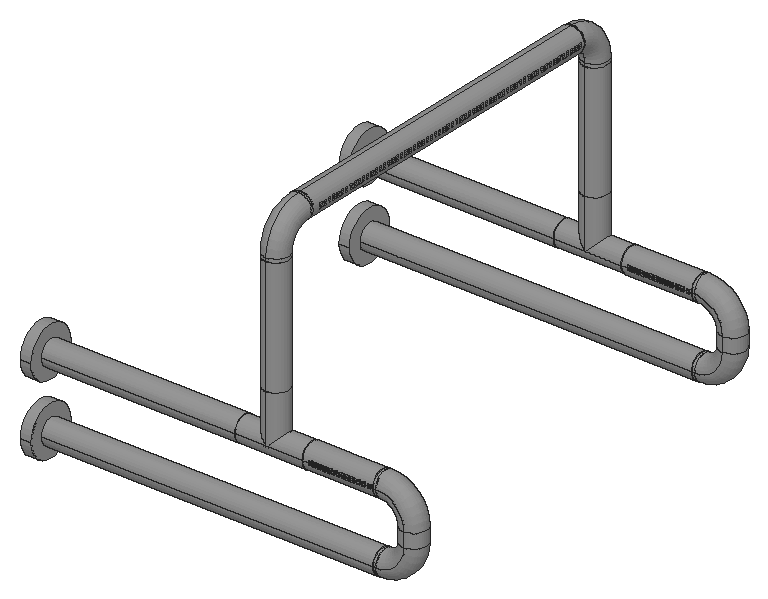
Revit family "Tube Coated Handicap Grab Bar White_IN", category Pipe Accessories, Revit 2017 (continued)
Forms (mm)
  Extrusion 78, solid, material "NYLONS"
    sketch origin (53.258, 70, -2.564) x (1, 0, 0) y (0, 0, -1)
      loop
        spline (398.827, -136.409) -> (398.927, -136.283) -> (399.008, -136.16) -> (399.072, -136.038) -> (399.117, -135.917) -> (399.145, -135.797) -> (399.154, -135.679) -> (399.145, -135.562) -> (399.117, -135.447) -> (399.072, -135.333) -> (399.008, -135.221) -> (398.927, -135.11) -> (398.827, -135)
        line (398.827, -135) -> (395.339, -135)
        spline (395.339, -135) -> (395.242, -135.107) -> (395.162, -135.216) -> (395.1, -135.327) -> (395.056, -135.44) -> (395.029, -135.554) -> (395.021, -135.671) -> (395.029, -135.789) -> (395.056, -135.909) -> (395.1, -136.031) -> (395.162, -136.155) -> (395.242, -136.281) -> (395.339, -136.409)
    from -18.046 to -17.398
  Extrusion 79, solid, material "NYLONS"
    sketch origin (53.258, 70, 1.96) x (1, 0, 0) y (0, 0, -1)
      loop
        line (395.339, -136.409) -> (398.827, -136.409)
        spline (398.827, -136.409) -> (398.927, -136.283) -> (399.008, -136.16) -> (399.072, -136.038) -> (399.117, -135.917) -> (399.145, -135.797) -> (399.154, -135.679) -> (399.145, -135.562) -> (399.117, -135.447) -> (399.072, -135.333) -> (399.008, -135.221) -> (398.927, -135.11) -> (398.827, -135)
        line (398.827, -135) -> (395.339, -135)
        spline (395.339, -135) -> (395.242, -135.107) -> (395.162, -135.216) -> (395.1, -135.327) -> (395.056, -135.44) -> (395.029, -135.554) -> (395.021, -135.671) -> (395.029, -135.789) -> (395.056, -135.909) -> (395.1, -136.031) -> (395.162, -136.155) -> (395.242, -136.281) -> (395.339, -136.409)
    from -18.046 to -17.398
  Extrusion 80, solid, material "NYLONS"
    sketch origin (60.25, 70, -0.391) x (1, 0, 0) y (0, 0, -1)
      loop
        line (395.339, -136.409) -> (398.827, -136.409)
        spline (398.827, -136.409) -> (398.927, -136.283) -> (399.008, -136.16) -> (399.072, -136.038) -> (399.117, -135.917) -> (399.145, -135.797) -> (399.154, -135.679) -> (399.145, -135.562) -> (399.117, -135.447) -> (399.072, -135.333) -> (399.008, -135.221) -> (398.927, -135.11) -> (398.827, -135)
        line (398.827, -135) -> (395.339, -135)
        spline (395.339, -135) -> (395.242, -135.107) -> (395.162, -135.216) -> (395.1, -135.327) -> (395.056, -135.44) -> (395.029, -135.554) -> (395.021, -135.671) -> (395.029, -135.789) -> (395.056, -135.909) -> (395.1, -136.031) -> (395.162, -136.155) -> (395.242, -136.281) -> (395.339, -136.409)
    from -18.046 to -17.398
  Extrusion 81, solid, material "NYLONS"
    sketch origin (60.25, 70, -2.564) x (1, 0, 0) y (0, 0, -1)
      loop
        line (395.339, -136.409) -> (398.827, -136.409)
        spline (398.827, -136.409) -> (398.927, -136.283) -> (399.008, -136.16) -> (399.072, -136.038) -> (399.117, -135.917) -> (399.145, -135.797) -> (399.154, -135.679) -> (399.145, -135.562) -> (399.117, -135.447) -> (399.072, -135.333) -> (399.008, -135.221) -> (398.927, -135.11) -> (398.827, -135)
        line (398.827, -135) -> (395.339, -135)
        spline (395.339, -135) -> (395.242, -135.107) -> (395.162, -135.216) -> (395.1, -135.327) -> (395.056, -135.44) -> (395.029, -135.554) -> (395.021, -135.671) -> (395.029, -135.789) -> (395.056, -135.909) -> (395.1, -136.031) -> (395.162, -136.155) -> (395.242, -136.281) -> (395.339, -136.409)
    from -18.046 to -17.398
  Extrusion 82, solid, material "NYLONS"
    sketch origin (60.25, 70, 1.96) x (1, 0, 0) y (0, 0, -1)
      loop
        line (395.339, -136.409) -> (398.827, -136.409)
        spline (398.827, -136.409) -> (398.927, -136.283) -> (399.008, -136.16) -> (399.072, -136.038) -> (399.117, -135.917) -> (399.145, -135.797) -> (399.154, -135.679) -> (399.145, -135.562) -> (399.117, -135.447) -> (399.072, -135.333) -> (399.008, -135.221) -> (398.927, -135.11) -> (398.827, -135)
        line (398.827, -135) -> (395.339, -135)
        spline (395.339, -135) -> (395.242, -135.107) -> (395.162, -135.216) -> (395.1, -135.327) -> (395.056, -135.44) -> (395.029, -135.554) -> (395.021, -135.671) -> (395.029, -135.789) -> (395.056, -135.909) -> (395.1, -136.031) -> (395.162, -136.155) -> (395.242, -136.281) -> (395.339, -136.409)
    from -18.046 to -17.398
  Extrusion 83, solid, material "NYLONS"
    sketch origin (68.061, 70, -0.391) x (1, 0, 0) y (0, 0, -1)
      loop
        line (395.339, -136.409) -> (398.827, -136.409)
        spline (398.827, -136.409) -> (398.927, -136.283) -> (399.008, -136.16) -> (399.072, -136.038) -> (399.117, -135.917) -> (399.145, -135.797) -> (399.154, -135.679) -> (399.145, -135.562) -> (399.117, -135.447) -> (399.072, -135.333) -> (399.008, -135.221) -> (398.927, -135.11) -> (398.827, -135)
        line (398.827, -135) -> (395.339, -135)
        spline (395.339, -135) -> (395.242, -135.107) -> (395.162, -135.216) -> (395.1, -135.327) -> (395.056, -135.44) -> (395.029, -135.554) -> (395.021, -135.671) -> (395.029, -135.789) -> (395.056, -135.909) -> (395.1, -136.031) -> (395.162, -136.155) -> (395.242, -136.281) -> (395.339, -136.409)
    from -18.046 to -17.398
  Extrusion 84, solid, material "NYLONS"
    sketch origin (68.061, 70, -2.564) x (1, 0, 0) y (0, 0, -1)
      loop
        line (395.339, -136.409) -> (398.827, -136.409)
        spline (398.827, -136.409) -> (398.927, -136.283) -> (399.008, -136.16) -> (399.072, -136.038) -> (399.117, -135.917) -> (399.145, -135.797) -> (399.154, -135.679) -> (399.145, -135.562) -> (399.117, -135.447) -> (399.072, -135.333) -> (399.008, -135.221) -> (398.927, -135.11) -> (398.827, -135)
        line (398.827, -135) -> (395.339, -135)
        spline (395.339, -135) -> (395.242, -135.107) -> (395.162, -135.216) -> (395.1, -135.327) -> (395.056, -135.44) -> (395.029, -135.554) -> (395.021, -135.671) -> (395.029, -135.789) -> (395.056, -135.909) -> (395.1, -136.031) -> (395.162, -136.155) -> (395.242, -136.281) -> (395.339, -136.409)
    from -18.046 to -17.398
  Extrusion 85, solid, material "NYLONS"
    sketch origin (68.061, 70, 1.96) x (1, 0, 0) y (0, 0, -1)
      loop
        line (395.339, -136.409) -> (398.827, -136.409)
        spline (398.827, -136.409) -> (398.927, -136.283) -> (399.008, -136.16) -> (399.072, -136.038) -> (399.117, -135.917) -> (399.145, -135.797) -> (399.154, -135.679) -> (399.145, -135.562) -> (399.117, -135.447) -> (399.072, -135.333) -> (399.008, -135.221) -> (398.927, -135.11) -> (398.827, -135)
        line (398.827, -135) -> (395.339, -135)
        spline (395.339, -135) -> (395.242, -135.107) -> (395.162, -135.216) -> (395.1, -135.327) -> (395.056, -135.44) -> (395.029, -135.554) -> (395.021, -135.671) -> (395.029, -135.789) -> (395.056, -135.909) -> (395.1, -136.031) -> (395.162, -136.155) -> (395.242, -136.281) -> (395.339, -136.409)
    from -18.046 to -17.398
  Extrusion 86, solid, material "NYLONS"
    sketch origin (75.648, 70, -0.391) x (1, 0, 0) y (0, 0, -1)
      loop
        line (395.339, -136.409) -> (398.827, -136.409)
        spline (398.827, -136.409) -> (398.927, -136.283) -> (399.008, -136.16) -> (399.072, -136.038) -> (399.117, -135.917) -> (399.145, -135.797) -> (399.154, -135.679) -> (399.145, -135.562) -> (399.117, -135.447) -> (399.072, -135.333) -> (399.008, -135.221) -> (398.927, -135.11) -> (398.827, -135)
        line (398.827, -135) -> (395.339, -135)
        spline (395.339, -135) -> (395.242, -135.107) -> (395.162, -135.216) -> (395.1, -135.327) -> (395.056, -135.44) -> (395.029, -135.554) -> (395.021, -135.671) -> (395.029, -135.789) -> (395.056, -135.909) -> (395.1, -136.031) -> (395.162, -136.155) -> (395.242, -136.281) -> (395.339, -136.409)
    from -18.046 to -17.398
  Extrusion 87, solid, material "NYLONS"
    sketch origin (75.648, 70, -2.564) x (1, 0, 0) y (0, 0, -1)
      loop
        line (395.339, -136.409) -> (398.827, -136.409)
        spline (398.827, -136.409) -> (398.927, -136.283) -> (399.008, -136.16) -> (399.072, -136.038) -> (399.117, -135.917) -> (399.145, -135.797) -> (399.154, -135.679) -> (399.145, -135.562) -> (399.117, -135.447) -> (399.072, -135.333) -> (399.008, -135.221) -> (398.927, -135.11) -> (398.827, -135)
        line (398.827, -135) -> (395.339, -135)
        spline (395.339, -135) -> (395.242, -135.107) -> (395.162, -135.216) -> (395.1, -135.327) -> (395.056, -135.44) -> (395.029, -135.554) -> (395.021, -135.671) -> (395.029, -135.789) -> (395.056, -135.909) -> (395.1, -136.031) -> (395.162, -136.155) -> (395.242, -136.281) -> (395.339, -136.409)
    from -18.046 to -17.398
  Extrusion 88, solid, material "NYLONS"
    sketch origin (75.648, 70, 1.96) x (1, 0, 0) y (0, 0, -1)
      loop
        line (395.339, -136.409) -> (398.827, -136.409)
        spline (398.827, -136.409) -> (398.927, -136.283) -> (399.008, -136.16) -> (399.072, -136.038) -> (399.117, -135.917) -> (399.145, -135.797) -> (399.154, -135.679) -> (399.145, -135.562) -> (399.117, -135.447) -> (399.072, -135.333) -> (399.008, -135.221) -> (398.927, -135.11) -> (398.827, -135)
        line (398.827, -135) -> (395.339, -135)
        spline (395.339, -135) -> (395.242, -135.107) -> (395.162, -135.216) -> (395.1, -135.327) -> (395.056, -135.44) -> (395.029, -135.554) -> (395.021, -135.671) -> (395.029, -135.789) -> (395.056, -135.909) -> (395.1, -136.031) -> (395.162, -136.155) -> (395.242, -136.281) -> (395.339, -136.409)
    from -18.046 to -17.398
  Extrusion 89, solid, material "NYLONS"
    sketch origin (83.532, 70, -0.391) x (1, 0, 0) y (0, 0, -1)
      loop
        line (395.339, -136.409) -> (398.827, -136.409)
        spline (398.827, -136.409) -> (398.927, -136.283) -> (399.008, -136.16) -> (399.072, -136.038) -> (399.117, -135.917) -> (399.145, -135.797) -> (399.154, -135.679) -> (399.145, -135.562) -> (399.117, -135.447) -> (399.072, -135.333) -> (399.008, -135.221) -> (398.927, -135.11) -> (398.827, -135)
        line (398.827, -135) -> (395.339, -135)
        spline (395.339, -135) -> (395.242, -135.107) -> (395.162, -135.216) -> (395.1, -135.327) -> (395.056, -135.44) -> (395.029, -135.554) -> (395.021, -135.671) -> (395.029, -135.789) -> (395.056, -135.909) -> (395.1, -136.031) -> (395.162, -136.155) -> (395.242, -136.281) -> (395.339, -136.409)
    from -18.046 to -17.398
  Extrusion 90, solid, material "NYLONS"
    sketch origin (83.532, 70, -2.564) x (1, 0, 0) y (0, 0, -1)
      loop
        line (395.339, -136.409) -> (398.827, -136.409)
        spline (398.827, -136.409) -> (398.927, -136.283) -> (399.008, -136.16) -> (399.072, -136.038) -> (399.117, -135.917) -> (399.145, -135.797) -> (399.154, -135.679) -> (399.145, -135.562) -> (399.117, -135.447) -> (399.072, -135.333) -> (399.008, -135.221) -> (398.927, -135.11) -> (398.827, -135)
        line (398.827, -135) -> (395.339, -135)
        spline (395.339, -135) -> (395.242, -135.107) -> (395.162, -135.216) -> (395.1, -135.327) -> (395.056, -135.44) -> (395.029, -135.554) -> (395.021, -135.671) -> (395.029, -135.789) -> (395.056, -135.909) -> (395.1, -136.031) -> (395.162, -136.155) -> (395.242, -136.281) -> (395.339, -136.409)
    from -18.046 to -17.398
  Extrusion 91, solid, material "NYLONS"
    sketch origin (83.532, 70, 1.96) x (1, 0, 0) y (0, 0, -1)
      loop
        line (395.339, -136.409) -> (398.827, -136.409)
        spline (398.827, -136.409) -> (398.927, -136.283) -> (399.008, -136.16) -> (399.072, -136.038) -> (399.117, -135.917) -> (399.145, -135.797) -> (399.154, -135.679) -> (399.145, -135.562) -> (399.117, -135.447) -> (399.072, -135.333) -> (399.008, -135.221) -> (398.927, -135.11) -> (398.827, -135)
        line (398.827, -135) -> (395.339, -135)
        spline (395.339, -135) -> (395.242, -135.107) -> (395.162, -135.216) -> (395.1, -135.327) -> (395.056, -135.44) -> (395.029, -135.554) -> (395.021, -135.671) -> (395.029, -135.789) -> (395.056, -135.909) -> (395.1, -136.031) -> (395.162, -136.155) -> (395.242, -136.281) -> (395.339, -136.409)
    from -18.046 to -17.398
  Extrusion 92, solid, material "NYLONS"
    sketch origin (0, 0, 0) x (0, 1, 0) y (0, 0, 1)
      loop
        spline (90.004, 415.815) -> (89.912, 415.689) -> (89.837, 415.563) -> (89.779, 415.437) -> (89.737, 415.31) -> (89.712, 415.183) -> (89.703, 415.056) -> (89.712, 414.929) -> (89.737, 414.801) -> (89.779, 414.674) -> (89.837, 414.546) -> (89.912, 414.417) -> (90.004, 414.289)
        line (90.004, 414.289) -> (93.449, 414.289)
        spline (93.449, 414.289) -> (93.523, 414.405) -> (93.583, 414.523) -> (93.63, 414.644) -> (93.663, 414.766) -> (93.684, 414.89) -> (93.69, 415.016) -> (93.684, 415.144) -> (93.663, 415.274) -> (93.63, 415.407) -> (93.583, 415.541) -> (93.523, 415.677) -> (93.449, 415.815)
        line (93.449, 415.815) -> (90.004, 415.815)
    from 317.061 to 318.374
  Extrusion 93, solid, material "NYLONS"
    sketch origin (0, 0, 2.506) x (0, 1, 0) y (0, 0, 1)
      loop
        spline (90.004, 415.815) -> (89.912, 415.689) -> (89.837, 415.563) -> (89.779, 415.437) -> (89.737, 415.31) -> (89.712, 415.183) -> (89.703, 415.056) -> (89.712, 414.929) -> (89.737, 414.801) -> (89.779, 414.674) -> (89.837, 414.546) -> (89.912, 414.417) -> (90.004, 414.289)
        line (90.004, 414.289) -> (93.449, 414.289)
        spline (93.449, 414.289) -> (93.523, 414.405) -> (93.583, 414.523) -> (93.63, 414.644) -> (93.663, 414.766) -> (93.684, 414.89) -> (93.69, 415.016) -> (93.684, 415.144) -> (93.663, 415.274) -> (93.63, 415.407) -> (93.583, 415.541) -> (93.523, 415.677) -> (93.449, 415.815)
        line (93.449, 415.815) -> (90.004, 415.815)
    from 317.061 to 318.374
  Extrusion 94, solid, material "NYLONS"
    sketch origin (0, 0, -2.612) x (0, 1, 0) y (0, 0, 1)
      loop
        spline (90.004, 415.815) -> (89.912, 415.689) -> (89.837, 415.563) -> (89.779, 415.437) -> (89.737, 415.31) -> (89.712, 415.183) -> (89.703, 415.056) -> (89.712, 414.929) -> (89.737, 414.801) -> (89.779, 414.674) -> (89.837, 414.546) -> (89.912, 414.417) -> (90.004, 414.289)
        line (90.004, 414.289) -> (93.449, 414.289)
        spline (93.449, 414.289) -> (93.523, 414.405) -> (93.583, 414.523) -> (93.63, 414.644) -> (93.663, 414.766) -> (93.684, 414.89) -> (93.69, 415.016) -> (93.684, 415.144) -> (93.663, 415.274) -> (93.63, 415.407) -> (93.583, 415.541) -> (93.523, 415.677) -> (93.449, 415.815)
        line (93.449, 415.815) -> (90.004, 415.815)
    from 317.061 to 318.374
  Extrusion 95, solid, material "NYLONS"
    sketch origin (0, 7.511, 0) x (0, 1, 0) y (0, 0, 1)
      loop
        spline (90.004, 415.815) -> (89.912, 415.689) -> (89.837, 415.563) -> (89.779, 415.437) -> (89.737, 415.31) -> (89.712, 415.183) -> (89.703, 415.056) -> (89.712, 414.929) -> (89.737, 414.801) -> (89.779, 414.674) -> (89.837, 414.546) -> (89.912, 414.417) -> (90.004, 414.289)
        line (90.004, 414.289) -> (93.449, 414.289)
        spline (93.449, 414.289) -> (93.523, 414.405) -> (93.583, 414.523) -> (93.63, 414.644) -> (93.663, 414.766) -> (93.684, 414.89) -> (93.69, 415.016) -> (93.684, 415.144) -> (93.663, 415.274) -> (93.63, 415.407) -> (93.583, 415.541) -> (93.523, 415.677) -> (93.449, 415.815)
        line (93.449, 415.815) -> (90.004, 415.815)
    from 317.061 to 318.374
  Extrusion 96, solid, material "NYLONS"
    sketch origin (0, 7.511, 2.506) x (0, 1, 0) y (0, 0, 1)
      loop
        spline (90.004, 415.815) -> (89.912, 415.689) -> (89.837, 415.563) -> (89.779, 415.437) -> (89.737, 415.31) -> (89.712, 415.183) -> (89.703, 415.056) -> (89.712, 414.929) -> (89.737, 414.801) -> (89.779, 414.674) -> (89.837, 414.546) -> (89.912, 414.417) -> (90.004, 414.289)
        line (90.004, 414.289) -> (93.449, 414.289)
        spline (93.449, 414.289) -> (93.523, 414.405) -> (93.583, 414.523) -> (93.63, 414.644) -> (93.663, 414.766) -> (93.684, 414.89) -> (93.69, 415.016) -> (93.684, 415.144) -> (93.663, 415.274) -> (93.63, 415.407) -> (93.583, 415.541) -> (93.523, 415.677) -> (93.449, 415.815)
        line (93.449, 415.815) -> (90.004, 415.815)
    from 317.061 to 318.374
  Extrusion 97, solid, material "NYLONS"
    sketch origin (0, 7.511, -2.612) x (0, 1, 0) y (0, 0, 1)
      loop
        spline (90.004, 415.815) -> (89.912, 415.689) -> (89.837, 415.563) -> (89.779, 415.437) -> (89.737, 415.31) -> (89.712, 415.183) -> (89.703, 415.056) -> (89.712, 414.929) -> (89.737, 414.801) -> (89.779, 414.674) -> (89.837, 414.546) -> (89.912, 414.417) -> (90.004, 414.289)
        line (90.004, 414.289) -> (93.449, 414.289)
        spline (93.449, 414.289) -> (93.523, 414.405) -> (93.583, 414.523) -> (93.63, 414.644) -> (93.663, 414.766) -> (93.684, 414.89) -> (93.69, 415.016) -> (93.684, 415.144) -> (93.663, 415.274) -> (93.63, 415.407) -> (93.583, 415.541) -> (93.523, 415.677) -> (93.449, 415.815)
        line (93.449, 415.815) -> (90.004, 415.815)
    from 317.061 to 318.374
  Extrusion 98, solid, material "NYLONS"
    sketch origin (0, 15.021, 0) x (0, 1, 0) y (0, 0, 1)
      loop
        spline (90.004, 415.815) -> (89.912, 415.689) -> (89.837, 415.563) -> (89.779, 415.437) -> (89.737, 415.31) -> (89.712, 415.183) -> (89.703, 415.056) -> (89.712, 414.929) -> (89.737, 414.801) -> (89.779, 414.674) -> (89.837, 414.546) -> (89.912, 414.417) -> (90.004, 414.289)
        line (90.004, 414.289) -> (93.449, 414.289)
        spline (93.449, 414.289) -> (93.523, 414.405) -> (93.583, 414.523) -> (93.63, 414.644) -> (93.663, 414.766) -> (93.684, 414.89) -> (93.69, 415.016) -> (93.684, 415.144) -> (93.663, 415.274) -> (93.63, 415.407) -> (93.583, 415.541) -> (93.523, 415.677) -> (93.449, 415.815)
        line (93.449, 415.815) -> (90.004, 415.815)
    from 317.061 to 318.374
  Extrusion 99, solid, material "NYLONS"
    sketch origin (0, 15.021, 2.506) x (0, 1, 0) y (0, 0, 1)
      loop
        spline (90.004, 415.815) -> (89.912, 415.689) -> (89.837, 415.563) -> (89.779, 415.437) -> (89.737, 415.31) -> (89.712, 415.183) -> (89.703, 415.056) -> (89.712, 414.929) -> (89.737, 414.801) -> (89.779, 414.674) -> (89.837, 414.546) -> (89.912, 414.417) -> (90.004, 414.289)
        line (90.004, 414.289) -> (93.449, 414.289)
        spline (93.449, 414.289) -> (93.523, 414.405) -> (93.583, 414.523) -> (93.63, 414.644) -> (93.663, 414.766) -> (93.684, 414.89) -> (93.69, 415.016) -> (93.684, 415.144) -> (93.663, 415.274) -> (93.63, 415.407) -> (93.583, 415.541) -> (93.523, 415.677) -> (93.449, 415.815)
        line (93.449, 415.815) -> (90.004, 415.815)
    from 317.061 to 318.374
  Extrusion 100, solid, material "NYLONS"
    sketch origin (0, 15.021, -2.612) x (0, 1, 0) y (0, 0, 1)
      loop
        spline (90.004, 415.815) -> (89.912, 415.689) -> (89.837, 415.563) -> (89.779, 415.437) -> (89.737, 415.31) -> (89.712, 415.183) -> (89.703, 415.056) -> (89.712, 414.929) -> (89.737, 414.801) -> (89.779, 414.674) -> (89.837, 414.546) -> (89.912, 414.417) -> (90.004, 414.289)
        line (90.004, 414.289) -> (93.449, 414.289)
        spline (93.449, 414.289) -> (93.523, 414.405) -> (93.583, 414.523) -> (93.63, 414.644) -> (93.663, 414.766) -> (93.684, 414.89) -> (93.69, 415.016) -> (93.684, 415.144) -> (93.663, 415.274) -> (93.63, 415.407) -> (93.583, 415.541) -> (93.523, 415.677) -> (93.449, 415.815)
        line (93.449, 415.815) -> (90.004, 415.815)
    from 317.061 to 318.374
  Extrusion 101, solid, material "NYLONS"
    sketch origin (0, 22.532, 0) x (0, 1, 0) y (0, 0, 1)
      loop
        spline (90.004, 415.815) -> (89.912, 415.689) -> (89.837, 415.563) -> (89.779, 415.437) -> (89.737, 415.31) -> (89.712, 415.183) -> (89.703, 415.056) -> (89.712, 414.929) -> (89.737, 414.801) -> (89.779, 414.674) -> (89.837, 414.546) -> (89.912, 414.417) -> (90.004, 414.289)
        line (90.004, 414.289) -> (93.449, 414.289)
        spline (93.449, 414.289) -> (93.523, 414.405) -> (93.583, 414.523) -> (93.63, 414.644) -> (93.663, 414.766) -> (93.684, 414.89) -> (93.69, 415.016) -> (93.684, 415.144) -> (93.663, 415.274) -> (93.63, 415.407) -> (93.583, 415.541) -> (93.523, 415.677) -> (93.449, 415.815)
        line (93.449, 415.815) -> (90.004, 415.815)
    from 317.061 to 318.374
  Extrusion 102, solid, material "NYLONS"
    sketch origin (0, 22.532, 2.506) x (0, 1, 0) y (0, 0, 1)
      loop
        spline (90.004, 415.815) -> (89.912, 415.689) -> (89.837, 415.563) -> (89.779, 415.437) -> (89.737, 415.31) -> (89.712, 415.183) -> (89.703, 415.056) -> (89.712, 414.929) -> (89.737, 414.801) -> (89.779, 414.674) -> (89.837, 414.546) -> (89.912, 414.417) -> (90.004, 414.289)
        line (90.004, 414.289) -> (93.449, 414.289)
        spline (93.449, 414.289) -> (93.523, 414.405) -> (93.583, 414.523) -> (93.63, 414.644) -> (93.663, 414.766) -> (93.684, 414.89) -> (93.69, 415.016) -> (93.684, 415.144) -> (93.663, 415.274) -> (93.63, 415.407) -> (93.583, 415.541) -> (93.523, 415.677) -> (93.449, 415.815)
        line (93.449, 415.815) -> (90.004, 415.815)
    from 317.061 to 318.374
  Extrusion 103, solid, material "NYLONS"
    sketch origin (0, 22.532, -2.612) x (0, 1, 0) y (0, 0, 1)
      loop
        spline (90.004, 415.815) -> (89.912, 415.689) -> (89.837, 415.563) -> (89.779, 415.437) -> (89.737, 415.31) -> (89.712, 415.183) -> (89.703, 415.056) -> (89.712, 414.929) -> (89.737, 414.801) -> (89.779, 414.674) -> (89.837, 414.546) -> (89.912, 414.417) -> (90.004, 414.289)
        line (90.004, 414.289) -> (93.449, 414.289)
        spline (93.449, 414.289) -> (93.523, 414.405) -> (93.583, 414.523) -> (93.63, 414.644) -> (93.663, 414.766) -> (93.684, 414.89) -> (93.69, 415.016) -> (93.684, 415.144) -> (93.663, 415.274) -> (93.63, 415.407) -> (93.583, 415.541) -> (93.523, 415.677) -> (93.449, 415.815)
        line (93.449, 415.815) -> (90.004, 415.815)
    from 317.061 to 318.374
  Extrusion 104, solid, material "NYLONS"
    sketch origin (0, 30.208, 0) x (0, 1, 0) y (0, 0, 1)
      loop
        spline (90.004, 415.815) -> (89.912, 415.689) -> (89.837, 415.563) -> (89.779, 415.437) -> (89.737, 415.31) -> (89.712, 415.183) -> (89.703, 415.056) -> (89.712, 414.929) -> (89.737, 414.801) -> (89.779, 414.674) -> (89.837, 414.546) -> (89.912, 414.417) -> (90.004, 414.289)
        line (90.004, 414.289) -> (93.449, 414.289)
        spline (93.449, 414.289) -> (93.523, 414.405) -> (93.583, 414.523) -> (93.63, 414.644) -> (93.663, 414.766) -> (93.684, 414.89) -> (93.69, 415.016) -> (93.684, 415.144) -> (93.663, 415.274) -> (93.63, 415.407) -> (93.583, 415.541) -> (93.523, 415.677) -> (93.449, 415.815)
        line (93.449, 415.815) -> (90.004, 415.815)
    from 317.061 to 318.374
  Extrusion 105, solid, material "NYLONS"
    sketch origin (0, 30.208, 2.506) x (0, 1, 0) y (0, 0, 1)
      loop
        spline (90.004, 415.815) -> (89.912, 415.689) -> (89.837, 415.563) -> (89.779, 415.437) -> (89.737, 415.31) -> (89.712, 415.183) -> (89.703, 415.056) -> (89.712, 414.929) -> (89.737, 414.801) -> (89.779, 414.674) -> (89.837, 414.546) -> (89.912, 414.417) -> (90.004, 414.289)
        line (90.004, 414.289) -> (93.449, 414.289)
        spline (93.449, 414.289) -> (93.523, 414.405) -> (93.583, 414.523) -> (93.63, 414.644) -> (93.663, 414.766) -> (93.684, 414.89) -> (93.69, 415.016) -> (93.684, 415.144) -> (93.663, 415.274) -> (93.63, 415.407) -> (93.583, 415.541) -> (93.523, 415.677) -> (93.449, 415.815)
        line (93.449, 415.815) -> (90.004, 415.815)
    from 317.061 to 318.374
  Extrusion 106, solid, material "NYLONS"
    sketch origin (0, 30.208, -2.612) x (0, 1, 0) y (0, 0, 1)
      loop
        spline (90.004, 415.815) -> (89.912, 415.689) -> (89.837, 415.563) -> (89.779, 415.437) -> (89.737, 415.31) -> (89.712, 415.183) -> (89.703, 415.056) -> (89.712, 414.929) -> (89.737, 414.801) -> (89.779, 414.674) -> (89.837, 414.546) -> (89.912, 414.417) -> (90.004, 414.289)
        line (90.004, 414.289) -> (93.449, 414.289)
        spline (93.449, 414.289) -> (93.523, 414.405) -> (93.583, 414.523) -> (93.63, 414.644) -> (93.663, 414.766) -> (93.684, 414.89) -> (93.69, 415.016) -> (93.684, 415.144) -> (93.663, 415.274) -> (93.63, 415.407) -> (93.583, 415.541) -> (93.523, 415.677) -> (93.449, 415.815)
        line (93.449, 415.815) -> (90.004, 415.815)
    from 317.061 to 318.374
  Extrusion 107, solid, material "NYLONS"
    sketch origin (0, 37.719, 0) x (0, 1, 0) y (0, 0, 1)
      loop
        spline (90.004, 415.815) -> (89.912, 415.689) -> (89.837, 415.563) -> (89.779, 415.437) -> (89.737, 415.31) -> (89.712, 415.183) -> (89.703, 415.056) -> (89.712, 414.929) -> (89.737, 414.801) -> (89.779, 414.674) -> (89.837, 414.546) -> (89.912, 414.417) -> (90.004, 414.289)
        line (90.004, 414.289) -> (93.449, 414.289)
        spline (93.449, 414.289) -> (93.523, 414.405) -> (93.583, 414.523) -> (93.63, 414.644) -> (93.663, 414.766) -> (93.684, 414.89) -> (93.69, 415.016) -> (93.684, 415.144) -> (93.663, 415.274) -> (93.63, 415.407) -> (93.583, 415.541) -> (93.523, 415.677) -> (93.449, 415.815)
        line (93.449, 415.815) -> (90.004, 415.815)
    from 317.061 to 318.374
  Extrusion 108, solid, material "NYLONS"
    sketch origin (0, 37.719, 2.506) x (0, 1, 0) y (0, 0, 1)
      loop
        spline (90.004, 415.815) -> (89.912, 415.689) -> (89.837, 415.563) -> (89.779, 415.437) -> (89.737, 415.31) -> (89.712, 415.183) -> (89.703, 415.056) -> (89.712, 414.929) -> (89.737, 414.801) -> (89.779, 414.674) -> (89.837, 414.546) -> (89.912, 414.417) -> (90.004, 414.289)
        line (90.004, 414.289) -> (93.449, 414.289)
        spline (93.449, 414.289) -> (93.523, 414.405) -> (93.583, 414.523) -> (93.63, 414.644) -> (93.663, 414.766) -> (93.684, 414.89) -> (93.69, 415.016) -> (93.684, 415.144) -> (93.663, 415.274) -> (93.63, 415.407) -> (93.583, 415.541) -> (93.523, 415.677) -> (93.449, 415.815)
        line (93.449, 415.815) -> (90.004, 415.815)
    from 317.061 to 318.374
  Extrusion 109, solid, material "NYLONS"
    sketch origin (0, 37.719, -2.612) x (0, 1, 0) y (0, 0, 1)
      loop
        spline (90.004, 415.815) -> (89.912, 415.689) -> (89.837, 415.563) -> (89.779, 415.437) -> (89.737, 415.31) -> (89.712, 415.183) -> (89.703, 415.056) -> (89.712, 414.929) -> (89.737, 414.801) -> (89.779, 414.674) -> (89.837, 414.546) -> (89.912, 414.417) -> (90.004, 414.289)
        line (90.004, 414.289) -> (93.449, 414.289)
        spline (93.449, 414.289) -> (93.523, 414.405) -> (93.583, 414.523) -> (93.63, 414.644) -> (93.663, 414.766) -> (93.684, 414.89) -> (93.69, 415.016) -> (93.684, 415.144) -> (93.663, 415.274) -> (93.63, 415.407) -> (93.583, 415.541) -> (93.523, 415.677) -> (93.449, 415.815)
        line (93.449, 415.815) -> (90.004, 415.815)
    from 317.061 to 318.374
  Extrusion 110, solid, material "NYLONS"
    sketch origin (0, 45.229, 0) x (0, 1, 0) y (0, 0, 1)
      loop
        spline (90.004, 415.815) -> (89.912, 415.689) -> (89.837, 415.563) -> (89.779, 415.437) -> (89.737, 415.31) -> (89.712, 415.183) -> (89.703, 415.056) -> (89.712, 414.929) -> (89.737, 414.801) -> (89.779, 414.674) -> (89.837, 414.546) -> (89.912, 414.417) -> (90.004, 414.289)
        line (90.004, 414.289) -> (93.449, 414.289)
        spline (93.449, 414.289) -> (93.523, 414.405) -> (93.583, 414.523) -> (93.63, 414.644) -> (93.663, 414.766) -> (93.684, 414.89) -> (93.69, 415.016) -> (93.684, 415.144) -> (93.663, 415.274) -> (93.63, 415.407) -> (93.583, 415.541) -> (93.523, 415.677) -> (93.449, 415.815)
        line (93.449, 415.815) -> (90.004, 415.815)
    from 317.061 to 318.374
  Extrusion 111, solid, material "NYLONS"
    sketch origin (0, 45.229, 2.506) x (0, 1, 0) y (0, 0, 1)
      loop
        spline (90.004, 415.815) -> (89.912, 415.689) -> (89.837, 415.563) -> (89.779, 415.437) -> (89.737, 415.31) -> (89.712, 415.183) -> (89.703, 415.056) -> (89.712, 414.929) -> (89.737, 414.801) -> (89.779, 414.674) -> (89.837, 414.546) -> (89.912, 414.417) -> (90.004, 414.289)
        line (90.004, 414.289) -> (93.449, 414.289)
        spline (93.449, 414.289) -> (93.523, 414.405) -> (93.583, 414.523) -> (93.63, 414.644) -> (93.663, 414.766) -> (93.684, 414.89) -> (93.69, 415.016) -> (93.684, 415.144) -> (93.663, 415.274) -> (93.63, 415.407) -> (93.583, 415.541) -> (93.523, 415.677) -> (93.449, 415.815)
        line (93.449, 415.815) -> (90.004, 415.815)
    from 317.061 to 318.374
  Extrusion 112, solid, material "NYLONS"
    sketch origin (0, 45.229, -2.612) x (0, 1, 0) y (0, 0, 1)
      loop
        spline (90.004, 415.815) -> (89.912, 415.689) -> (89.837, 415.563) -> (89.779, 415.437) -> (89.737, 415.31) -> (89.712, 415.183) -> (89.703, 415.056) -> (89.712, 414.929) -> (89.737, 414.801) -> (89.779, 414.674) -> (89.837, 414.546) -> (89.912, 414.417) -> (90.004, 414.289)
        line (90.004, 414.289) -> (93.449, 414.289)
        spline (93.449, 414.289) -> (93.523, 414.405) -> (93.583, 414.523) -> (93.63, 414.644) -> (93.663, 414.766) -> (93.684, 414.89) -> (93.69, 415.016) -> (93.684, 415.144) -> (93.663, 415.274) -> (93.63, 415.407) -> (93.583, 415.541) -> (93.523, 415.677) -> (93.449, 415.815)
        line (93.449, 415.815) -> (90.004, 415.815)
    from 317.061 to 318.374
  Extrusion 113, solid, material "NYLONS"
    sketch origin (0, 52.74, 0) x (0, 1, 0) y (0, 0, 1)
      loop
        spline (90.004, 415.815) -> (89.912, 415.689) -> (89.837, 415.563) -> (89.779, 415.437) -> (89.737, 415.31) -> (89.712, 415.183) -> (89.703, 415.056) -> (89.712, 414.929) -> (89.737, 414.801) -> (89.779, 414.674) -> (89.837, 414.546) -> (89.912, 414.417) -> (90.004, 414.289)
        line (90.004, 414.289) -> (93.449, 414.289)
        spline (93.449, 414.289) -> (93.523, 414.405) -> (93.583, 414.523) -> (93.63, 414.644) -> (93.663, 414.766) -> (93.684, 414.89) -> (93.69, 415.016) -> (93.684, 415.144) -> (93.663, 415.274) -> (93.63, 415.407) -> (93.583, 415.541) -> (93.523, 415.677) -> (93.449, 415.815)
        line (93.449, 415.815) -> (90.004, 415.815)
    from 317.061 to 318.374
  Extrusion 114, solid, material "NYLONS"
    sketch origin (0, 52.74, 2.506) x (0, 1, 0) y (0, 0, 1)
      loop
        spline (90.004, 415.815) -> (89.912, 415.689) -> (89.837, 415.563) -> (89.779, 415.437) -> (89.737, 415.31) -> (89.712, 415.183) -> (89.703, 415.056) -> (89.712, 414.929) -> (89.737, 414.801) -> (89.779, 414.674) -> (89.837, 414.546) -> (89.912, 414.417) -> (90.004, 414.289)
        line (90.004, 414.289) -> (93.449, 414.289)
        spline (93.449, 414.289) -> (93.523, 414.405) -> (93.583, 414.523) -> (93.63, 414.644) -> (93.663, 414.766) -> (93.684, 414.89) -> (93.69, 415.016) -> (93.684, 415.144) -> (93.663, 415.274) -> (93.63, 415.407) -> (93.583, 415.541) -> (93.523, 415.677) -> (93.449, 415.815)
        line (93.449, 415.815) -> (90.004, 415.815)
    from 317.061 to 318.374
  Extrusion 115, solid, material "NYLONS"
    sketch origin (0, 52.74, -2.612) x (0, 1, 0) y (0, 0, 1)
      loop
        spline (90.004, 415.815) -> (89.912, 415.689) -> (89.837, 415.563) -> (89.779, 415.437) -> (89.737, 415.31) -> (89.712, 415.183) -> (89.703, 415.056) -> (89.712, 414.929) -> (89.737, 414.801) -> (89.779, 414.674) -> (89.837, 414.546) -> (89.912, 414.417) -> (90.004, 414.289)
        line (90.004, 414.289) -> (93.449, 414.289)
        spline (93.449, 414.289) -> (93.523, 414.405) -> (93.583, 414.523) -> (93.63, 414.644) -> (93.663, 414.766) -> (93.684, 414.89) -> (93.69, 415.016) -> (93.684, 415.144) -> (93.663, 415.274) -> (93.63, 415.407) -> (93.583, 415.541) -> (93.523, 415.677) -> (93.449, 415.815)
        line (93.449, 415.815) -> (90.004, 415.815)
    from 317.061 to 318.374
  Extrusion 116, solid, material "NYLONS"
    sketch origin (0, 60.251, 0) x (0, 1, 0) y (0, 0, 1)
      loop
        spline (90.004, 415.815) -> (89.912, 415.689) -> (89.837, 415.563) -> (89.779, 415.437) -> (89.737, 415.31) -> (89.712, 415.183) -> (89.703, 415.056) -> (89.712, 414.929) -> (89.737, 414.801) -> (89.779, 414.674) -> (89.837, 414.546) -> (89.912, 414.417) -> (90.004, 414.289)
        line (90.004, 414.289) -> (93.449, 414.289)
        spline (93.449, 414.289) -> (93.523, 414.405) -> (93.583, 414.523) -> (93.63, 414.644) -> (93.663, 414.766) -> (93.684, 414.89) -> (93.69, 415.016) -> (93.684, 415.144) -> (93.663, 415.274) -> (93.63, 415.407) -> (93.583, 415.541) -> (93.523, 415.677) -> (93.449, 415.815)
        line (93.449, 415.815) -> (90.004, 415.815)
    from 317.061 to 318.374
  Extrusion 117, solid, material "NYLONS"
    sketch origin (0, 60.251, 2.506) x (0, 1, 0) y (0, 0, 1)
      loop
        spline (90.004, 415.815) -> (89.912, 415.689) -> (89.837, 415.563) -> (89.779, 415.437) -> (89.737, 415.31) -> (89.712, 415.183) -> (89.703, 415.056) -> (89.712, 414.929) -> (89.737, 414.801) -> (89.779, 414.674) -> (89.837, 414.546) -> (89.912, 414.417) -> (90.004, 414.289)
        line (90.004, 414.289) -> (93.449, 414.289)
        spline (93.449, 414.289) -> (93.523, 414.405) -> (93.583, 414.523) -> (93.63, 414.644) -> (93.663, 414.766) -> (93.684, 414.89) -> (93.69, 415.016) -> (93.684, 415.144) -> (93.663, 415.274) -> (93.63, 415.407) -> (93.583, 415.541) -> (93.523, 415.677) -> (93.449, 415.815)
        line (93.449, 415.815) -> (90.004, 415.815)
    from 317.061 to 318.374
  Extrusion 118, solid, material "NYLONS"
    sketch origin (0, 60.251, -2.612) x (0, 1, 0) y (0, 0, 1)
      loop
        spline (90.004, 415.815) -> (89.912, 415.689) -> (89.837, 415.563) -> (89.779, 415.437) -> (89.737, 415.31) -> (89.712, 415.183) -> (89.703, 415.056) -> (89.712, 414.929) -> (89.737, 414.801) -> (89.779, 414.674) -> (89.837, 414.546) -> (89.912, 414.417) -> (90.004, 414.289)
        line (90.004, 414.289) -> (93.449, 414.289)
        spline (93.449, 414.289) -> (93.523, 414.405) -> (93.583, 414.523) -> (93.63, 414.644) -> (93.663, 414.766) -> (93.684, 414.89) -> (93.69, 415.016) -> (93.684, 415.144) -> (93.663, 415.274) -> (93.63, 415.407) -> (93.583, 415.541) -> (93.523, 415.677) -> (93.449, 415.815)
        line (93.449, 415.815) -> (90.004, 415.815)
    from 317.061 to 318.374
  Extrusion 119, solid, material "NYLONS"
    sketch origin (0, 67.761, 0) x (0, 1, 0) y (0, 0, 1)
      loop
        spline (90.004, 415.815) -> (89.912, 415.689) -> (89.837, 415.563) -> (89.779, 415.437) -> (89.737, 415.31) -> (89.712, 415.183) -> (89.703, 415.056) -> (89.712, 414.929) -> (89.737, 414.801) -> (89.779, 414.674) -> (89.837, 414.546) -> (89.912, 414.417) -> (90.004, 414.289)
        line (90.004, 414.289) -> (93.449, 414.289)
        spline (93.449, 414.289) -> (93.523, 414.405) -> (93.583, 414.523) -> (93.63, 414.644) -> (93.663, 414.766) -> (93.684, 414.89) -> (93.69, 415.016) -> (93.684, 415.144) -> (93.663, 415.274) -> (93.63, 415.407) -> (93.583, 415.541) -> (93.523, 415.677) -> (93.449, 415.815)
        line (93.449, 415.815) -> (90.004, 415.815)
    from 317.061 to 318.374
  Extrusion 120, solid, material "NYLONS"
    sketch origin (0, 67.761, 2.506) x (0, 1, 0) y (0, 0, 1)
      loop
        spline (90.004, 415.815) -> (89.912, 415.689) -> (89.837, 415.563) -> (89.779, 415.437) -> (89.737, 415.31) -> (89.712, 415.183) -> (89.703, 415.056) -> (89.712, 414.929) -> (89.737, 414.801) -> (89.779, 414.674) -> (89.837, 414.546) -> (89.912, 414.417) -> (90.004, 414.289)
        line (90.004, 414.289) -> (93.449, 414.289)
        spline (93.449, 414.289) -> (93.523, 414.405) -> (93.583, 414.523) -> (93.63, 414.644) -> (93.663, 414.766) -> (93.684, 414.89) -> (93.69, 415.016) -> (93.684, 415.144) -> (93.663, 415.274) -> (93.63, 415.407) -> (93.583, 415.541) -> (93.523, 415.677) -> (93.449, 415.815)
        line (93.449, 415.815) -> (90.004, 415.815)
    from 317.061 to 318.374
  Extrusion 121, solid, material "NYLONS"
    sketch origin (0, 67.761, -2.612) x (0, 1, 0) y (0, 0, 1)
      loop
        spline (90.004, 415.815) -> (89.912, 415.689) -> (89.837, 415.563) -> (89.779, 415.437) -> (89.737, 415.31) -> (89.712, 415.183) -> (89.703, 415.056) -> (89.712, 414.929) -> (89.737, 414.801) -> (89.779, 414.674) -> (89.837, 414.546) -> (89.912, 414.417) -> (90.004, 414.289)
        line (90.004, 414.289) -> (93.449, 414.289)
        spline (93.449, 414.289) -> (93.523, 414.405) -> (93.583, 414.523) -> (93.63, 414.644) -> (93.663, 414.766) -> (93.684, 414.89) -> (93.69, 415.016) -> (93.684, 415.144) -> (93.663, 415.274) -> (93.63, 415.407) -> (93.583, 415.541) -> (93.523, 415.677) -> (93.449, 415.815)
        line (93.449, 415.815) -> (90.004, 415.815)
    from 317.061 to 318.374
  Extrusion 122, solid, material "NYLONS"
    sketch origin (0, 75.272, 0) x (0, 1, 0) y (0, 0, 1)
      loop
        spline (90.004, 415.815) -> (89.912, 415.689) -> (89.837, 415.563) -> (89.779, 415.437) -> (89.737, 415.31) -> (89.712, 415.183) -> (89.703, 415.056) -> (89.712, 414.929) -> (89.737, 414.801) -> (89.779, 414.674) -> (89.837, 414.546) -> (89.912, 414.417) -> (90.004, 414.289)
        line (90.004, 414.289) -> (93.449, 414.289)
        spline (93.449, 414.289) -> (93.523, 414.405) -> (93.583, 414.523) -> (93.63, 414.644) -> (93.663, 414.766) -> (93.684, 414.89) -> (93.69, 415.016) -> (93.684, 415.144) -> (93.663, 415.274) -> (93.63, 415.407) -> (93.583, 415.541) -> (93.523, 415.677) -> (93.449, 415.815)
        line (93.449, 415.815) -> (90.004, 415.815)
    from 317.061 to 318.374
  Extrusion 123, solid, material "NYLONS"
    sketch origin (0, 75.272, 2.506) x (0, 1, 0) y (0, 0, 1)
      loop
        spline (90.004, 415.815) -> (89.912, 415.689) -> (89.837, 415.563) -> (89.779, 415.437) -> (89.737, 415.31) -> (89.712, 415.183) -> (89.703, 415.056) -> (89.712, 414.929) -> (89.737, 414.801) -> (89.779, 414.674) -> (89.837, 414.546) -> (89.912, 414.417) -> (90.004, 414.289)
        line (90.004, 414.289) -> (93.449, 414.289)
        spline (93.449, 414.289) -> (93.523, 414.405) -> (93.583, 414.523) -> (93.63, 414.644) -> (93.663, 414.766) -> (93.684, 414.89) -> (93.69, 415.016) -> (93.684, 415.144) -> (93.663, 415.274) -> (93.63, 415.407) -> (93.583, 415.541) -> (93.523, 415.677) -> (93.449, 415.815)
        line (93.449, 415.815) -> (90.004, 415.815)
    from 317.061 to 318.374
  Extrusion 124, solid, material "NYLONS"
    sketch origin (0, 75.272, -2.612) x (0, 1, 0) y (0, 0, 1)
      loop
        spline (90.004, 415.815) -> (89.912, 415.689) -> (89.837, 415.563) -> (89.779, 415.437) -> (89.737, 415.31) -> (89.712, 415.183) -> (89.703, 415.056) -> (89.712, 414.929) -> (89.737, 414.801) -> (89.779, 414.674) -> (89.837, 414.546) -> (89.912, 414.417) -> (90.004, 414.289)
        line (90.004, 414.289) -> (93.449, 414.289)
        spline (93.449, 414.289) -> (93.523, 414.405) -> (93.583, 414.523) -> (93.63, 414.644) -> (93.663, 414.766) -> (93.684, 414.89) -> (93.69, 415.016) -> (93.684, 415.144) -> (93.663, 415.274) -> (93.63, 415.407) -> (93.583, 415.541) -> (93.523, 415.677) -> (93.449, 415.815)
        line (93.449, 415.815) -> (90.004, 415.815)
    from 317.061 to 318.374
  Extrusion 125, solid, material "NYLONS"
    sketch origin (0, 82.783, 0) x (0, 1, 0) y (0, 0, 1)
      loop
        spline (90.004, 415.815) -> (89.912, 415.689) -> (89.837, 415.563) -> (89.779, 415.437) -> (89.737, 415.31) -> (89.712, 415.183) -> (89.703, 415.056) -> (89.712, 414.929) -> (89.737, 414.801) -> (89.779, 414.674) -> (89.837, 414.546) -> (89.912, 414.417) -> (90.004, 414.289)
        line (90.004, 414.289) -> (93.449, 414.289)
        spline (93.449, 414.289) -> (93.523, 414.405) -> (93.583, 414.523) -> (93.63, 414.644) -> (93.663, 414.766) -> (93.684, 414.89) -> (93.69, 415.016) -> (93.684, 415.144) -> (93.663, 415.274) -> (93.63, 415.407) -> (93.583, 415.541) -> (93.523, 415.677) -> (93.449, 415.815)
        line (93.449, 415.815) -> (90.004, 415.815)
    from 317.061 to 318.374
  Extrusion 126, solid, material "NYLONS"
    sketch origin (0, 82.783, 2.506) x (0, 1, 0) y (0, 0, 1)
      loop
        spline (90.004, 415.815) -> (89.912, 415.689) -> (89.837, 415.563) -> (89.779, 415.437) -> (89.737, 415.31) -> (89.712, 415.183) -> (89.703, 415.056) -> (89.712, 414.929) -> (89.737, 414.801) -> (89.779, 414.674) -> (89.837, 414.546) -> (89.912, 414.417) -> (90.004, 414.289)
        line (90.004, 414.289) -> (93.449, 414.289)
        spline (93.449, 414.289) -> (93.523, 414.405) -> (93.583, 414.523) -> (93.63, 414.644) -> (93.663, 414.766) -> (93.684, 414.89) -> (93.69, 415.016) -> (93.684, 415.144) -> (93.663, 415.274) -> (93.63, 415.407) -> (93.583, 415.541) -> (93.523, 415.677) -> (93.449, 415.815)
        line (93.449, 415.815) -> (90.004, 415.815)
    from 317.061 to 318.374
  Extrusion 127, solid, material "NYLONS"
    sketch origin (0, 82.783, -2.612) x (0, 1, 0) y (0, 0, 1)
      loop
        spline (90.004, 415.815) -> (89.912, 415.689) -> (89.837, 415.563) -> (89.779, 415.437) -> (89.737, 415.31) -> (89.712, 415.183) -> (89.703, 415.056) -> (89.712, 414.929) -> (89.737, 414.801) -> (89.779, 414.674) -> (89.837, 414.546) -> (89.912, 414.417) -> (90.004, 414.289)
        line (90.004, 414.289) -> (93.449, 414.289)
        spline (93.449, 414.289) -> (93.523, 414.405) -> (93.583, 414.523) -> (93.63, 414.644) -> (93.663, 414.766) -> (93.684, 414.89) -> (93.69, 415.016) -> (93.684, 415.144) -> (93.663, 415.274) -> (93.63, 415.407) -> (93.583, 415.541) -> (93.523, 415.677) -> (93.449, 415.815)
        line (93.449, 415.815) -> (90.004, 415.815)
    from 317.061 to 318.374
  Extrusion 128, solid, material "NYLONS"
    sketch origin (0, 90.376, 0) x (0, 1, 0) y (0, 0, 1)
      loop
        spline (90.004, 415.815) -> (89.912, 415.689) -> (89.837, 415.563) -> (89.779, 415.437) -> (89.737, 415.31) -> (89.712, 415.183) -> (89.703, 415.056) -> (89.712, 414.929) -> (89.737, 414.801) -> (89.779, 414.674) -> (89.837, 414.546) -> (89.912, 414.417) -> (90.004, 414.289)
        line (90.004, 414.289) -> (93.449, 414.289)
        spline (93.449, 414.289) -> (93.523, 414.405) -> (93.583, 414.523) -> (93.63, 414.644) -> (93.663, 414.766) -> (93.684, 414.89) -> (93.69, 415.016) -> (93.684, 415.144) -> (93.663, 415.274) -> (93.63, 415.407) -> (93.583, 415.541) -> (93.523, 415.677) -> (93.449, 415.815)
        line (93.449, 415.815) -> (90.004, 415.815)
    from 317.061 to 318.374
  Extrusion 129, solid, material "NYLONS"
    sketch origin (0, 90.376, 2.506) x (0, 1, 0) y (0, 0, 1)
      loop
        spline (90.004, 415.815) -> (89.912, 415.689) -> (89.837, 415.563) -> (89.779, 415.437) -> (89.737, 415.31) -> (89.712, 415.183) -> (89.703, 415.056) -> (89.712, 414.929) -> (89.737, 414.801) -> (89.779, 414.674) -> (89.837, 414.546) -> (89.912, 414.417) -> (90.004, 414.289)
        line (90.004, 414.289) -> (93.449, 414.289)
        spline (93.449, 414.289) -> (93.523, 414.405) -> (93.583, 414.523) -> (93.63, 414.644) -> (93.663, 414.766) -> (93.684, 414.89) -> (93.69, 415.016) -> (93.684, 415.144) -> (93.663, 415.274) -> (93.63, 415.407) -> (93.583, 415.541) -> (93.523, 415.677) -> (93.449, 415.815)
        line (93.449, 415.815) -> (90.004, 415.815)
    from 317.061 to 318.374
  Extrusion 130, solid, material "NYLONS"
    sketch origin (0, 90.376, -2.612) x (0, 1, 0) y (0, 0, 1)
      loop
        spline (90.004, 415.815) -> (89.912, 415.689) -> (89.837, 415.563) -> (89.779, 415.437) -> (89.737, 415.31) -> (89.712, 415.183) -> (89.703, 415.056) -> (89.712, 414.929) -> (89.737, 414.801) -> (89.779, 414.674) -> (89.837, 414.546) -> (89.912, 414.417) -> (90.004, 414.289)
        line (90.004, 414.289) -> (93.449, 414.289)
        spline (93.449, 414.289) -> (93.523, 414.405) -> (93.583, 414.523) -> (93.63, 414.644) -> (93.663, 414.766) -> (93.684, 414.89) -> (93.69, 415.016) -> (93.684, 415.144) -> (93.663, 415.274) -> (93.63, 415.407) -> (93.583, 415.541) -> (93.523, 415.677) -> (93.449, 415.815)
        line (93.449, 415.815) -> (90.004, 415.815)
    from 317.061 to 318.374
  Extrusion 131, solid, material "NYLONS"
    sketch origin (0, 97.969, 0) x (0, 1, 0) y (0, 0, 1)
      loop
        spline (90.004, 415.815) -> (89.912, 415.689) -> (89.837, 415.563) -> (89.779, 415.437) -> (89.737, 415.31) -> (89.712, 415.183) -> (89.703, 415.056) -> (89.712, 414.929) -> (89.737, 414.801) -> (89.779, 414.674) -> (89.837, 414.546) -> (89.912, 414.417) -> (90.004, 414.289)
        line (90.004, 414.289) -> (93.449, 414.289)
        spline (93.449, 414.289) -> (93.523, 414.405) -> (93.583, 414.523) -> (93.63, 414.644) -> (93.663, 414.766) -> (93.684, 414.89) -> (93.69, 415.016) -> (93.684, 415.144) -> (93.663, 415.274) -> (93.63, 415.407) -> (93.583, 415.541) -> (93.523, 415.677) -> (93.449, 415.815)
        line (93.449, 415.815) -> (90.004, 415.815)
    from 317.061 to 318.374
  Extrusion 132, solid, material "NYLONS"
    sketch origin (0, 97.969, 2.506) x (0, 1, 0) y (0, 0, 1)
      loop
        spline (90.004, 415.815) -> (89.912, 415.689) -> (89.837, 415.563) -> (89.779, 415.437) -> (89.737, 415.31) -> (89.712, 415.183) -> (89.703, 415.056) -> (89.712, 414.929) -> (89.737, 414.801) -> (89.779, 414.674) -> (89.837, 414.546) -> (89.912, 414.417) -> (90.004, 414.289)
        line (90.004, 414.289) -> (93.449, 414.289)
        spline (93.449, 414.289) -> (93.523, 414.405) -> (93.583, 414.523) -> (93.63, 414.644) -> (93.663, 414.766) -> (93.684, 414.89) -> (93.69, 415.016) -> (93.684, 415.144) -> (93.663, 415.274) -> (93.63, 415.407) -> (93.583, 415.541) -> (93.523, 415.677) -> (93.449, 415.815)
        line (93.449, 415.815) -> (90.004, 415.815)
    from 317.061 to 318.374
  Extrusion 133, solid, material "NYLONS"
    sketch origin (0, 97.969, -2.612) x (0, 1, 0) y (0, 0, 1)
      loop
        spline (90.004, 415.815) -> (89.912, 415.689) -> (89.837, 415.563) -> (89.779, 415.437) -> (89.737, 415.31) -> (89.712, 415.183) -> (89.703, 415.056) -> (89.712, 414.929) -> (89.737, 414.801) -> (89.779, 414.674) -> (89.837, 414.546) -> (89.912, 414.417) -> (90.004, 414.289)
        line (90.004, 414.289) -> (93.449, 414.289)
        spline (93.449, 414.289) -> (93.523, 414.405) -> (93.583, 414.523) -> (93.63, 414.644) -> (93.663, 414.766) -> (93.684, 414.89) -> (93.69, 415.016) -> (93.684, 415.144) -> (93.663, 415.274) -> (93.63, 415.407) -> (93.583, 415.541) -> (93.523, 415.677) -> (93.449, 415.815)
        line (93.449, 415.815) -> (90.004, 415.815)
    from 317.061 to 318.374
  Extrusion 134, solid, material "NYLONS"
    sketch origin (0, 105.315, 0) x (0, 1, 0) y (0, 0, 1)
      loop
        spline (90.004, 415.815) -> (89.912, 415.689) -> (89.837, 415.563) -> (89.779, 415.437) -> (89.737, 415.31) -> (89.712, 415.183) -> (89.703, 415.056) -> (89.712, 414.929) -> (89.737, 414.801) -> (89.779, 414.674) -> (89.837, 414.546) -> (89.912, 414.417) -> (90.004, 414.289)
        line (90.004, 414.289) -> (93.449, 414.289)
        spline (93.449, 414.289) -> (93.523, 414.405) -> (93.583, 414.523) -> (93.63, 414.644) -> (93.663, 414.766) -> (93.684, 414.89) -> (93.69, 415.016) -> (93.684, 415.144) -> (93.663, 415.274) -> (93.63, 415.407) -> (93.583, 415.541) -> (93.523, 415.677) -> (93.449, 415.815)
        line (93.449, 415.815) -> (90.004, 415.815)
    from 317.061 to 318.374
  Extrusion 135, solid, material "NYLONS"
    sketch origin (0, 105.315, 2.506) x (0, 1, 0) y (0, 0, 1)
      loop
        spline (90.004, 415.815) -> (89.912, 415.689) -> (89.837, 415.563) -> (89.779, 415.437) -> (89.737, 415.31) -> (89.712, 415.183) -> (89.703, 415.056) -> (89.712, 414.929) -> (89.737, 414.801) -> (89.779, 414.674) -> (89.837, 414.546) -> (89.912, 414.417) -> (90.004, 414.289)
        line (90.004, 414.289) -> (93.449, 414.289)
        spline (93.449, 414.289) -> (93.523, 414.405) -> (93.583, 414.523) -> (93.63, 414.644) -> (93.663, 414.766) -> (93.684, 414.89) -> (93.69, 415.016) -> (93.684, 415.144) -> (93.663, 415.274) -> (93.63, 415.407) -> (93.583, 415.541) -> (93.523, 415.677) -> (93.449, 415.815)
        line (93.449, 415.815) -> (90.004, 415.815)
    from 317.061 to 318.374
  Extrusion 136, solid, material "NYLONS"
    sketch origin (0, 105.315, -2.612) x (0, 1, 0) y (0, 0, 1)
      loop
        spline (90.004, 415.815) -> (89.912, 415.689) -> (89.837, 415.563) -> (89.779, 415.437) -> (89.737, 415.31) -> (89.712, 415.183) -> (89.703, 415.056) -> (89.712, 414.929) -> (89.737, 414.801) -> (89.779, 414.674) -> (89.837, 414.546) -> (89.912, 414.417) -> (90.004, 414.289)
        line (90.004, 414.289) -> (93.449, 414.289)
        spline (93.449, 414.289) -> (93.523, 414.405) -> (93.583, 414.523) -> (93.63, 414.644) -> (93.663, 414.766) -> (93.684, 414.89) -> (93.69, 415.016) -> (93.684, 415.144) -> (93.663, 415.274) -> (93.63, 415.407) -> (93.583, 415.541) -> (93.523, 415.677) -> (93.449, 415.815)
        line (93.449, 415.815) -> (90.004, 415.815)
    from 317.061 to 318.374
  Extrusion 137, solid, material "NYLONS"
    sketch origin (0, 112.495, 0) x (0, 1, 0) y (0, 0, 1)
      loop
        spline (90.004, 415.815) -> (89.912, 415.689) -> (89.837, 415.563) -> (89.779, 415.437) -> (89.737, 415.31) -> (89.712, 415.183) -> (89.703, 415.056) -> (89.712, 414.929) -> (89.737, 414.801) -> (89.779, 414.674) -> (89.837, 414.546) -> (89.912, 414.417) -> (90.004, 414.289)
        line (90.004, 414.289) -> (93.449, 414.289)
        spline (93.449, 414.289) -> (93.523, 414.405) -> (93.583, 414.523) -> (93.63, 414.644) -> (93.663, 414.766) -> (93.684, 414.89) -> (93.69, 415.016) -> (93.684, 415.144) -> (93.663, 415.274) -> (93.63, 415.407) -> (93.583, 415.541) -> (93.523, 415.677) -> (93.449, 415.815)
        line (93.449, 415.815) -> (90.004, 415.815)
    from 317.061 to 318.374
  Extrusion 138, solid, material "NYLONS"
    sketch origin (0, 112.495, 2.506) x (0, 1, 0) y (0, 0, 1)
      loop
        spline (90.004, 415.815) -> (89.912, 415.689) -> (89.837, 415.563) -> (89.779, 415.437) -> (89.737, 415.31) -> (89.712, 415.183) -> (89.703, 415.056) -> (89.712, 414.929) -> (89.737, 414.801) -> (89.779, 414.674) -> (89.837, 414.546) -> (89.912, 414.417) -> (90.004, 414.289)
        line (90.004, 414.289) -> (93.449, 414.289)
        spline (93.449, 414.289) -> (93.523, 414.405) -> (93.583, 414.523) -> (93.63, 414.644) -> (93.663, 414.766) -> (93.684, 414.89) -> (93.69, 415.016) -> (93.684, 415.144) -> (93.663, 415.274) -> (93.63, 415.407) -> (93.583, 415.541) -> (93.523, 415.677) -> (93.449, 415.815)
        line (93.449, 415.815) -> (90.004, 415.815)
    from 317.061 to 318.374
  Extrusion 139, solid, material "NYLONS"
    sketch origin (0, 112.495, -2.612) x (0, 1, 0) y (0, 0, 1)
      loop
        spline (90.004, 415.815) -> (89.912, 415.689) -> (89.837, 415.563) -> (89.779, 415.437) -> (89.737, 415.31) -> (89.712, 415.183) -> (89.703, 415.056) -> (89.712, 414.929) -> (89.737, 414.801) -> (89.779, 414.674) -> (89.837, 414.546) -> (89.912, 414.417) -> (90.004, 414.289)
        line (90.004, 414.289) -> (93.449, 414.289)
        spline (93.449, 414.289) -> (93.523, 414.405) -> (93.583, 414.523) -> (93.63, 414.644) -> (93.663, 414.766) -> (93.684, 414.89) -> (93.69, 415.016) -> (93.684, 415.144) -> (93.663, 415.274) -> (93.63, 415.407) -> (93.583, 415.541) -> (93.523, 415.677) -> (93.449, 415.815)
        line (93.449, 415.815) -> (90.004, 415.815)
    from 317.061 to 318.374
  Extrusion 140, solid, material "NYLONS"
    sketch origin (0, 120.089, 0) x (0, 1, 0) y (0, 0, 1)
      loop
        spline (90.004, 415.815) -> (89.912, 415.689) -> (89.837, 415.563) -> (89.779, 415.437) -> (89.737, 415.31) -> (89.712, 415.183) -> (89.703, 415.056) -> (89.712, 414.929) -> (89.737, 414.801) -> (89.779, 414.674) -> (89.837, 414.546) -> (89.912, 414.417) -> (90.004, 414.289)
        line (90.004, 414.289) -> (93.449, 414.289)
        spline (93.449, 414.289) -> (93.523, 414.405) -> (93.583, 414.523) -> (93.63, 414.644) -> (93.663, 414.766) -> (93.684, 414.89) -> (93.69, 415.016) -> (93.684, 415.144) -> (93.663, 415.274) -> (93.63, 415.407) -> (93.583, 415.541) -> (93.523, 415.677) -> (93.449, 415.815)
        line (93.449, 415.815) -> (90.004, 415.815)
    from 317.061 to 318.374
  Extrusion 141, solid, material "NYLONS"
    sketch origin (0, 120.089, 2.506) x (0, 1, 0) y (0, 0, 1)
      loop
        spline (90.004, 415.815) -> (89.912, 415.689) -> (89.837, 415.563) -> (89.779, 415.437) -> (89.737, 415.31) -> (89.712, 415.183) -> (89.703, 415.056) -> (89.712, 414.929) -> (89.737, 414.801) -> (89.779, 414.674) -> (89.837, 414.546) -> (89.912, 414.417) -> (90.004, 414.289)
        line (90.004, 414.289) -> (93.449, 414.289)
        spline (93.449, 414.289) -> (93.523, 414.405) -> (93.583, 414.523) -> (93.63, 414.644) -> (93.663, 414.766) -> (93.684, 414.89) -> (93.69, 415.016) -> (93.684, 415.144) -> (93.663, 415.274) -> (93.63, 415.407) -> (93.583, 415.541) -> (93.523, 415.677) -> (93.449, 415.815)
        line (93.449, 415.815) -> (90.004, 415.815)
    from 317.061 to 318.374
  Extrusion 142, solid, material "NYLONS"
    sketch origin (0, 120.089, -2.612) x (0, 1, 0) y (0, 0, 1)
      loop
        spline (90.004, 415.815) -> (89.912, 415.689) -> (89.837, 415.563) -> (89.779, 415.437) -> (89.737, 415.31) -> (89.712, 415.183) -> (89.703, 415.056) -> (89.712, 414.929) -> (89.737, 414.801) -> (89.779, 414.674) -> (89.837, 414.546) -> (89.912, 414.417) -> (90.004, 414.289)
        line (90.004, 414.289) -> (93.449, 414.289)
        spline (93.449, 414.289) -> (93.523, 414.405) -> (93.583, 414.523) -> (93.63, 414.644) -> (93.663, 414.766) -> (93.684, 414.89) -> (93.69, 415.016) -> (93.684, 415.144) -> (93.663, 415.274) -> (93.63, 415.407) -> (93.583, 415.541) -> (93.523, 415.677) -> (93.449, 415.815)
        line (93.449, 415.815) -> (90.004, 415.815)
    from 317.061 to 318.374
  Extrusion 143, solid, material "NYLONS"
    sketch origin (0, 127.682, 0) x (0, 1, 0) y (0, 0, 1)
      loop
        spline (90.004, 415.815) -> (89.912, 415.689) -> (89.837, 415.563) -> (89.779, 415.437) -> (89.737, 415.31) -> (89.712, 415.183) -> (89.703, 415.056) -> (89.712, 414.929) -> (89.737, 414.801) -> (89.779, 414.674) -> (89.837, 414.546) -> (89.912, 414.417) -> (90.004, 414.289)
        line (90.004, 414.289) -> (93.449, 414.289)
        spline (93.449, 414.289) -> (93.523, 414.405) -> (93.583, 414.523) -> (93.63, 414.644) -> (93.663, 414.766) -> (93.684, 414.89) -> (93.69, 415.016) -> (93.684, 415.144) -> (93.663, 415.274) -> (93.63, 415.407) -> (93.583, 415.541) -> (93.523, 415.677) -> (93.449, 415.815)
        line (93.449, 415.815) -> (90.004, 415.815)
    from 317.061 to 318.374
  Extrusion 144, solid, material "NYLONS"
    sketch origin (0, 127.682, 2.506) x (0, 1, 0) y (0, 0, 1)
      loop
        spline (90.004, 415.815) -> (89.912, 415.689) -> (89.837, 415.563) -> (89.779, 415.437) -> (89.737, 415.31) -> (89.712, 415.183) -> (89.703, 415.056) -> (89.712, 414.929) -> (89.737, 414.801) -> (89.779, 414.674) -> (89.837, 414.546) -> (89.912, 414.417) -> (90.004, 414.289)
        line (90.004, 414.289) -> (93.449, 414.289)
        spline (93.449, 414.289) -> (93.523, 414.405) -> (93.583, 414.523) -> (93.63, 414.644) -> (93.663, 414.766) -> (93.684, 414.89) -> (93.69, 415.016) -> (93.684, 415.144) -> (93.663, 415.274) -> (93.63, 415.407) -> (93.583, 415.541) -> (93.523, 415.677) -> (93.449, 415.815)
        line (93.449, 415.815) -> (90.004, 415.815)
    from 317.061 to 318.374
  Extrusion 145, solid, material "NYLONS"
    sketch origin (0, 127.682, -2.612) x (0, 1, 0) y (0, 0, 1)
      loop
        spline (90.004, 415.815) -> (89.912, 415.689) -> (89.837, 415.563) -> (89.779, 415.437) -> (89.737, 415.31) -> (89.712, 415.183) -> (89.703, 415.056) -> (89.712, 414.929) -> (89.737, 414.801) -> (89.779, 414.674) -> (89.837, 414.546) -> (89.912, 414.417) -> (90.004, 414.289)
        line (90.004, 414.289) -> (93.449, 414.289)
        spline (93.449, 414.289) -> (93.523, 414.405) -> (93.583, 414.523) -> (93.63, 414.644) -> (93.663, 414.766) -> (93.684, 414.89) -> (93.69, 415.016) -> (93.684, 415.144) -> (93.663, 415.274) -> (93.63, 415.407) -> (93.583, 415.541) -> (93.523, 415.677) -> (93.449, 415.815)
        line (93.449, 415.815) -> (90.004, 415.815)
    from 317.061 to 318.374
  Extrusion 146, solid, material "NYLONS"
    sketch origin (0, 135.192, 0) x (0, 1, 0) y (0, 0, 1)
      loop
        spline (90.004, 415.815) -> (89.912, 415.689) -> (89.837, 415.563) -> (89.779, 415.437) -> (89.737, 415.31) -> (89.712, 415.183) -> (89.703, 415.056) -> (89.712, 414.929) -> (89.737, 414.801) -> (89.779, 414.674) -> (89.837, 414.546) -> (89.912, 414.417) -> (90.004, 414.289)
        line (90.004, 414.289) -> (93.449, 414.289)
        spline (93.449, 414.289) -> (93.523, 414.405) -> (93.583, 414.523) -> (93.63, 414.644) -> (93.663, 414.766) -> (93.684, 414.89) -> (93.69, 415.016) -> (93.684, 415.144) -> (93.663, 415.274) -> (93.63, 415.407) -> (93.583, 415.541) -> (93.523, 415.677) -> (93.449, 415.815)
        line (93.449, 415.815) -> (90.004, 415.815)
    from 317.061 to 318.374
  Extrusion 147, solid, material "NYLONS"
    sketch origin (0, 135.192, 2.506) x (0, 1, 0) y (0, 0, 1)
      loop
        spline (90.004, 415.815) -> (89.912, 415.689) -> (89.837, 415.563) -> (89.779, 415.437) -> (89.737, 415.31) -> (89.712, 415.183) -> (89.703, 415.056) -> (89.712, 414.929) -> (89.737, 414.801) -> (89.779, 414.674) -> (89.837, 414.546) -> (89.912, 414.417) -> (90.004, 414.289)
        line (90.004, 414.289) -> (93.449, 414.289)
